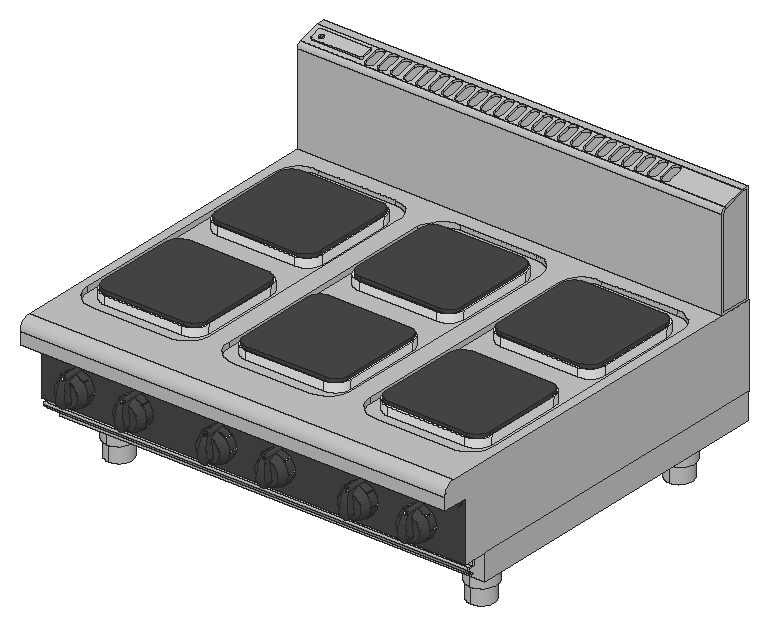
Revit family "QF_Moffat_RNB8600SE-B_Electric_Cooktops_Sealed_Hobs_cat", category Specialty Equipment, Revit 2019 (continued)
Definition of nested family "High and Low Option"
  Definition of nested family "QF_LOGO_Waldorf1"
    Automatic sketch dimensions
      Split face 10 sketch curve to Split face 10 sketch curve = 0 mm  (x2)
      Split face 10 sketch curve to Split face 10 sketch curve = 1.629 mm
      Split face 10 sketch curve to Split face 10 sketch curve = 2.133 mm
      Split face 10 sketch curve to Extrusion 1 = 5.728 mm
      Split face 10 sketch curve to Split face 10 sketch curve = 6.245 mm
      Split face 10 sketch curve to Split face 10 sketch curve = 1.907 mm  (x2)
      Split face 10 sketch curve to Split face 10 sketch curve = 1.197 mm
      Split face 10 sketch curve to Split face 10 sketch curve = 2.19 mm
Definition of nested family "RN8600SE-B"
  Parameters (values of type "E516S-B")
    Weight in Kilograms = 135
    Watts = Volts * FL Amps  # 396 W
    Volts = 220 V
    URL Cutsheet = ""
    Specification by User = ""
    Specification by Manufacturer = ""
    Serial Number = ""
    Seismic Rating = ""
    SMACNA No = ""
    Revision Code = ""
    Phase = 1
    Number of Poles = 1
    NAFEM Spec ID Number = ""
    Model = "RN8600SE-B"
    Min Ckt Ampacity = 0 A
    Max Overcurrent Protection = 0 A
    Masterspec = ""
    Manufacturer = "Moffat"
    Length = 900 mm
    Item Number = ""
    Installed By = ""
    Identify Quantity as Lot = yes
    Height = 315 mm
    HP = ""
    Furnished By = ""
    Foodservice Equipment Identifier = yes
    FL Amps = 1.8 A
    Electrical Remarks = ""
    Electric Connection Type = ""
    Elec Conn RI Height = 0 mm
    Elec Conn Connection Height = 0 mm
    Description = "Electric Cooktops Sealed Hobs"
    Depth = 805 mm
    Cycle = 50 Hz
    Conn Plug = ""
    Conn Conduit = yes
    CSI MasterFormat = ""
    Apparent Power = if(Phase = 3, Volts * FL Amps * 1.73, Volts * FL Amps)  # 396 VA
  Reference planes
    plane 1 "BACK": y = 0
    plane 2: z = 0
    plane 3 "LEFT": x = 0
    plane 4 "RIGHT": x = 900
    plane 5 "FRONT": y = -805
    plane 6 "TOP": z = 315
    plane 7 "Center Y": x = 450
    plane 8 "Center X": y = -402.5
    plane 9: x = 65.5
    plane 10: x = 87.5
    plane 11: x = 211.766
    plane 12: y = -30
    plane 13: x = 770
    plane 14: x = 512.5
    plane 15: x = 388.234
    plane 16: x = 834.5
    plane 17: x = 812.5
    plane 18: x = 688.234
  Forms (mm)
    Extrusion 1, solid
      sketch origin (0, 0, 0) x (0, 1, 0) y (0, 0, 1)
        loop
          line (0, 140) -> (0, 315) -> (-781, 315)
          arc (-781, 315) -> (-797.971, 307.971) -> (-805, 291) r 24
          line (-805, 291) -> (-805, 266) -> (-749, 266) -> (-749, 140) -> (0, 140)
      from 0 to 900
    Extrusion 2, void
      sketch origin (0, -783.97, 314.5) x (0, 1, 0) y (-1, 0, 0)
        loop
          arc (681.97, -69) -> (667.325, -33.645) -> (631.97, -19) r 50
          line (631.97, -19) -> (131.97, -19)
          arc (131.97, -19) -> (96.615, -33.645) -> (81.97, -69) r 50
          line (81.97, -69) -> (81.97, -231)
          arc (81.97, -231) -> (96.615, -266.355) -> (131.97, -281) r 50
          line (131.97, -281) -> (631.97, -281)
          arc (631.97, -281) -> (667.325, -266.355) -> (681.97, -231) r 50
          line (681.97, -231) -> (681.97, -69)
        loop
          line (681.97, -831) -> (681.97, -669)
          arc (681.97, -669) -> (667.325, -633.645) -> (631.97, -619) r 50
          line (631.97, -619) -> (131.97, -619)
          arc (131.97, -619) -> (96.615, -633.645) -> (81.97, -669) r 50
          line (81.97, -669) -> (81.97, -831)
          arc (81.97, -831) -> (96.615, -866.355) -> (131.97, -881) r 50
          line (131.97, -881) -> (631.97, -881)
          arc (631.97, -881) -> (667.325, -866.355) -> (681.97, -831) r 50
        loop
          line (81.97, -369) -> (81.97, -531)
          arc (81.97, -531) -> (96.615, -566.355) -> (131.97, -581) r 50
          line (131.97, -581) -> (631.97, -581)
          arc (631.97, -581) -> (667.325, -566.355) -> (681.97, -531) r 50
          line (681.97, -531) -> (681.97, -369)
          arc (681.97, -369) -> (667.325, -333.645) -> (631.97, -319) r 50
          line (631.97, -319) -> (131.97, -319)
          arc (131.97, -319) -> (96.615, -333.645) -> (81.97, -369) r 50
      from 0.5 to -9.5
    Extrusion 3, solid
      sketch origin (0, -783.97, 305) x (0, 1, 0) y (-1, 0, 0)
        loop
          arc (645.97, -68) -> (636.597, -45.373) -> (613.97, -36) r 32
          line (613.97, -36) -> (449.97, -36)
          arc (449.97, -36) -> (427.343, -45.373) -> (417.97, -68) r 32
          line (417.97, -68) -> (417.97, -232)
          arc (417.97, -232) -> (427.343, -254.627) -> (449.97, -264) r 32
          line (449.97, -264) -> (613.97, -264)
          arc (613.97, -264) -> (636.597, -254.627) -> (645.97, -232) r 32
          line (645.97, -232) -> (645.97, -68)
        loop
          arc (345.97, -68) -> (336.597, -45.373) -> (313.97, -36) r 32
          line (313.97, -36) -> (149.97, -36)
          arc (149.97, -36) -> (127.343, -45.373) -> (117.97, -68) r 32
          line (117.97, -68) -> (117.97, -232)
          arc (117.97, -232) -> (127.343, -254.627) -> (149.97, -264) r 32
          line (149.97, -264) -> (313.97, -264)
          arc (313.97, -264) -> (336.597, -254.627) -> (345.97, -232) r 32
          line (345.97, -232) -> (345.97, -68)
        loop
          arc (645.97, -368) -> (636.597, -345.373) -> (613.97, -336) r 32
          line (613.97, -336) -> (449.97, -336)
          arc (449.97, -336) -> (427.343, -345.373) -> (417.97, -368) r 32
          line (417.97, -368) -> (417.97, -532)
          arc (417.97, -532) -> (427.343, -554.627) -> (449.97, -564) r 32
          line (449.97, -564) -> (613.97, -564)
          arc (613.97, -564) -> (636.597, -554.627) -> (645.97, -532) r 32
          line (645.97, -532) -> (645.97, -368)
        loop
          arc (345.97, -368) -> (336.597, -345.373) -> (313.97, -336) r 32
          line (313.97, -336) -> (149.97, -336)
          arc (149.97, -336) -> (127.343, -345.373) -> (117.97, -368) r 32
          line (117.97, -368) -> (117.97, -532)
          arc (117.97, -532) -> (127.343, -554.627) -> (149.97, -564) r 32
          line (149.97, -564) -> (313.97, -564)
          arc (313.97, -564) -> (336.597, -554.627) -> (345.97, -532) r 32
          line (345.97, -532) -> (345.97, -368)
        loop
          line (645.97, -832) -> (645.97, -668)
          arc (645.97, -668) -> (636.597, -645.373) -> (613.97, -636) r 32
          line (613.97, -636) -> (449.97, -636)
          arc (449.97, -636) -> (427.343, -645.373) -> (417.97, -668) r 32
          line (417.97, -668) -> (417.97, -832)
          arc (417.97, -832) -> (427.343, -854.627) -> (449.97, -864) r 32
          line (449.97, -864) -> (613.97, -864)
          arc (613.97, -864) -> (636.597, -854.627) -> (645.97, -832) r 32
        loop
          line (345.97, -832) -> (345.97, -668)
          arc (345.97, -668) -> (336.597, -645.373) -> (313.97, -636) r 32
          line (313.97, -636) -> (149.97, -636)
          arc (149.97, -636) -> (127.343, -645.373) -> (117.97, -668) r 32
          line (117.97, -668) -> (117.97, -832)
          arc (117.97, -832) -> (127.343, -854.627) -> (149.97, -864) r 32
          line (149.97, -864) -> (313.97, -864)
          arc (313.97, -864) -> (336.597, -854.627) -> (345.97, -832) r 32
      from 0 to 17.8
    Extrusion 4, solid
      sketch origin (0, -783.97, 322.8) x (0, 1, 0) y (-1, 0, 0)
        loop
          arc (641.97, -67) -> (634.062, -47.908) -> (614.97, -40) r 27
          line (614.97, -40) -> (448.97, -40)
          arc (448.97, -40) -> (429.878, -47.908) -> (421.97, -67) r 27
          line (421.97, -67) -> (421.97, -233)
          arc (421.97, -233) -> (429.878, -252.092) -> (448.97, -260) r 27
          line (448.97, -260) -> (614.97, -260)
          arc (614.97, -260) -> (634.062, -252.092) -> (641.97, -233) r 27
          line (641.97, -233) -> (641.97, -67)
        loop
          arc (341.97, -67) -> (334.062, -47.908) -> (314.97, -40) r 27
          line (314.97, -40) -> (148.97, -40)
          arc (148.97, -40) -> (129.878, -47.908) -> (121.97, -67) r 27
          line (121.97, -67) -> (121.97, -233)
          arc (121.97, -233) -> (129.878, -252.092) -> (148.97, -260) r 27
          line (148.97, -260) -> (314.97, -260)
          arc (314.97, -260) -> (334.062, -252.092) -> (341.97, -233) r 27
          line (341.97, -233) -> (341.97, -67)
        loop
          line (641.97, -533) -> (641.97, -367)
          arc (641.97, -367) -> (634.062, -347.908) -> (614.97, -340) r 27
          line (614.97, -340) -> (448.97, -340)
          arc (448.97, -340) -> (429.878, -347.908) -> (421.97, -367) r 27
          line (421.97, -367) -> (421.97, -533)
          arc (421.97, -533) -> (429.878, -552.092) -> (448.97, -560) r 27
          line (448.97, -560) -> (614.97, -560)
          arc (614.97, -560) -> (634.062, -552.092) -> (641.97, -533) r 27
        loop
          arc (314.97, -560) -> (334.062, -552.092) -> (341.97, -533) r 27
          line (341.97, -533) -> (341.97, -367)
          arc (341.97, -367) -> (334.062, -347.908) -> (314.97, -340) r 27
          line (314.97, -340) -> (148.97, -340)
          arc (148.97, -340) -> (129.878, -347.908) -> (121.97, -367) r 27
          line (121.97, -367) -> (121.97, -533)
          arc (121.97, -533) -> (129.878, -552.092) -> (148.97, -560) r 27
          line (148.97, -560) -> (314.97, -560)
        loop
          line (641.97, -833) -> (641.97, -667)
          arc (641.97, -667) -> (634.062, -647.908) -> (614.97, -640) r 27
          line (614.97, -640) -> (448.97, -640)
          arc (448.97, -640) -> (429.878, -647.908) -> (421.97, -667) r 27
          line (421.97, -667) -> (421.97, -833)
          arc (421.97, -833) -> (429.878, -852.092) -> (448.97, -860) r 27
          line (448.97, -860) -> (614.97, -860)
          arc (614.97, -860) -> (634.062, -852.092) -> (641.97, -833) r 27
        loop
          arc (314.97, -860) -> (334.062, -852.092) -> (341.97, -833) r 27
          line (341.97, -833) -> (341.97, -667)
          arc (341.97, -667) -> (334.062, -647.908) -> (314.97, -640) r 27
          line (314.97, -640) -> (148.97, -640)
          arc (148.97, -640) -> (129.878, -647.908) -> (121.97, -667) r 27
          line (121.97, -667) -> (121.97, -833)
          arc (121.97, -833) -> (129.878, -852.092) -> (148.97, -860) r 27
          line (148.97, -860) -> (314.97, -860)
      from 0 to 6.1
    Extrusion 5, solid
      sketch origin (0, 0, 0) x (0, 1, 0) y (0, 0, 1)
        loop
          line (-699, 85) -> (0, 85) -> (0, 140) -> (-699, 140) -> (-699, 85)
      from 0 to 900
    Extrusion 6, solid
      sketch origin (0, 0, 0) x (0, 1, 0) y (0, 0, 1)
        loop
          line (-730.6, 140) -> (-730.6, 130) -> (-740.105, 130)
          arc (-740.105, 130) -> (-743.076, 128.015) -> (-742.379, 124.511) r 3.215
          line (-742.379, 124.511) -> (-731.85, 113.982) -> (-730.719, 115.113) -> (-741.247, 125.642)
          arc (-741.247, 125.642) -> (-741.597, 127.403) -> (-740.105, 128.4) r 1.615
          line (-740.105, 128.4) -> (-729, 128.4) -> (-729, 140) -> (-730.6, 140)
      from 0 to 900
    Extrusion 7, solid
      sketch origin (450, 175.397, 1219.2) x (0, 1, 0) y (0, 0, 1)
        loop
          line (-874.397, -1109.2) -> (-889.234, -1109.2)
          arc (-889.234, -1109.2) -> (-890.834, -1110.8) -> (-889.234, -1112.4) r 1.6
          line (-889.234, -1112.4) -> (-874.397, -1112.4) -> (-874.397, -1109.2)
      from -400 to 400
    Extrusion 8, solid
      sketch origin (0, -749, 156.25) x (0, 0, 1) y (-1, 0, 0)
        loop
          circle (84.8, -732.5) r 7.15
        loop
          circle (84.8, -857.5) r 7.15
        loop
          circle (84.8, -431.766) r 7.15
        loop
          circle (84.8, -556.766) r 7.15
        loop
          circle (84.8, -131.031) r 7.15
        loop
          circle (84.8, -256.031) r 7.15
      from 0 to 1.6
    Extrusion 9, solid
      sketch origin (0, -749, 156.25) x (0, 0, 1) y (-1, 0, 0)
        loop
          circle (97.343, -13.157) r 5
        loop
          circle (97.343, -886.843) r 5
      from 0 to 1.6
    Extrusion 10, solid
      sketch origin (-30, -689.8, 85) x (1, 0, 0) y (0, -1, 0)
        loop
          circle (800, -659.8) r 6.35
      from 0 to 1.6
  Cuts and joins
    Extrusion 2 cuts Extrusion 1
  Lines and regions (mm)
    symbolic lines
      curve 1: line (0, 0, 0) -> (900, 0, 0)
      curve 2: line (0, -805, 0) -> (0, 0, 0)
      curve 3: line (900, -805, 0) -> (0, -805, 0)
      curve 4: line (900, 0, 0) -> (900, -805, 0)
      curve 5: line (369, -102, 0) -> (531, -102, 0)
      curve 6: arc (531, -102, 0) -> (566.355, -116.645, 0) -> (581, -152, 0) r 50
      curve 7: line (581, -152, 0) -> (581, -652, 0)
      curve 8: arc (581, -652, 0) -> (566.355, -687.355, 0) -> (531, -702, 0) r 50
      curve 9: line (531, -702, 0) -> (369, -702, 0)
      curve 10: arc (369, -702, 0) -> (333.645, -687.355, 0) -> (319, -652, 0) r 50
      curve 11: line (319, -652, 0) -> (319, -152, 0)
      curve 12: arc (319, -152, 0) -> (333.645, -116.645, 0) -> (369, -102, 0) r 50
      curve 13: line (669, -102, 0) -> (831, -102, 0)
      curve 14: arc (831, -102, 0) -> (866.355, -116.645, 0) -> (881, -152, 0) r 50
      curve 15: line (881, -152, 0) -> (881, -652, 0)
      curve 16: arc (881, -652, 0) -> (866.355, -687.355, 0) -> (831, -702, 0) r 50
      curve 17: line (831, -702, 0) -> (669, -702, 0)
      curve 18: arc (669, -702, 0) -> (633.645, -687.355, 0) -> (619, -652, 0) r 50
      curve 19: line (619, -652, 0) -> (619, -152, 0)
      curve 20: arc (619, -152, 0) -> (633.645, -116.645, 0) -> (669, -102, 0) r 50
      curve 21: arc (668, -138, 0) -> (645.373, -147.373, 0) -> (636, -170, 0) r 32
      curve 22: line (636, -170, 0) -> (636, -334, 0)
      curve 23: arc (636, -334, 0) -> (645.373, -356.627, 0) -> (668, -366, 0) r 32
      curve 24: line (668, -366, 0) -> (832, -366, 0)
      curve 25: arc (832, -366, 0) -> (854.627, -356.627, 0) -> (864, -334, 0) r 32
      curve 26: line (864, -334, 0) -> (864, -170, 0)
      curve 27: arc (864, -170, 0) -> (854.627, -147.373, 0) -> (832, -138, 0) r 32
      curve 28: line (832, -138, 0) -> (668, -138, 0)
      curve 29: arc (667, -142, 0) -> (647.908, -149.908, 0) -> (640, -169, 0) r 27
      curve 30: line (640, -169, 0) -> (640, -335, 0)
      curve 31: arc (640, -335, 0) -> (647.908, -354.092, 0) -> (667, -362, 0) r 27
      curve 32: line (667, -362, 0) -> (833, -362, 0)
      curve 33: arc (833, -362, 0) -> (852.092, -354.092, 0) -> (860, -335, 0) r 27
      curve 34: line (860, -335, 0) -> (860, -169, 0)
      curve 35: arc (860, -169, 0) -> (852.092, -149.908, 0) -> (833, -142, 0) r 27
      curve 36: line (833, -142, 0) -> (667, -142, 0)
      curve 37: line (532, -138, 0) -> (368, -138, 0)
      curve 38: arc (368, -138, 0) -> (345.373, -147.373, 0) -> (336, -170, 0) r 32
      curve 39: line (336, -170, 0) -> (336, -334, 0)
      curve 40: arc (336, -334, 0) -> (345.373, -356.627, 0) -> (368, -366, 0) r 32
      curve 41: line (368, -366, 0) -> (532, -366, 0)
      curve 42: arc (532, -366, 0) -> (554.627, -356.627, 0) -> (564, -334, 0) r 32
      curve 43: line (564, -334, 0) -> (564, -170, 0)
      curve 44: arc (564, -170, 0) -> (554.627, -147.373, 0) -> (532, -138, 0) r 32
      curve 45: line (533, -142, 0) -> (367, -142, 0)
      curve 46: arc (367, -142, 0) -> (347.908, -149.908, 0) -> (340, -169, 0) r 27
      curve 47: line (340, -169, 0) -> (340, -335, 0)
      curve 48: arc (340, -335, 0) -> (347.908, -354.092, 0) -> (367, -362, 0) r 27
      curve 49: line (367, -362, 0) -> (533, -362, 0)
      curve 50: arc (533, -362, 0) -> (552.092, -354.092, 0) -> (560, -335, 0) r 27
      curve 51: line (560, -335, 0) -> (560, -169, 0)
      curve 52: arc (560, -169, 0) -> (552.092, -149.908, 0) -> (533, -142, 0) r 27
      curve 53: line (232, -138, 0) -> (68, -138, 0)
      curve 54: arc (68, -138, 0) -> (45.373, -147.373, 0) -> (36, -170, 0) r 32
      curve 55: line (36, -170, 0) -> (36, -334, 0)
      curve 56: arc (36, -334, 0) -> (45.373, -356.627, 0) -> (68, -366, 0) r 32
      curve 57: line (68, -366, 0) -> (232, -366, 0)
      curve 58: arc (232, -366, 0) -> (254.627, -356.627, 0) -> (264, -334, 0) r 32
      curve 59: line (264, -334, 0) -> (264, -170, 0)
      curve 60: arc (264, -170, 0) -> (254.627, -147.373, 0) -> (232, -138, 0) r 32
      curve 61: line (233, -142, 0) -> (67, -142, 0)
      curve 62: arc (67, -142, 0) -> (47.908, -149.908, 0) -> (40, -169, 0) r 27
      curve 63: line (40, -169, 0) -> (40, -335, 0)
      curve 64: arc (40, -335, 0) -> (47.908, -354.092, 0) -> (67, -362, 0) r 27
      curve 65: line (67, -362, 0) -> (233, -362, 0)
      curve 66: arc (233, -362, 0) -> (252.092, -354.092, 0) -> (260, -335, 0) r 27
      curve 67: line (260, -335, 0) -> (260, -169, 0)
      curve 68: arc (260, -169, 0) -> (252.092, -149.908, 0) -> (233, -142, 0) r 27
      curve 69: line (232, -438, 0) -> (68, -438, 0)
      curve 70: arc (68, -438, 0) -> (45.373, -447.373, 0) -> (36, -470, 0) r 32
      curve 71: line (36, -470, 0) -> (36, -634, 0)
      curve 72: arc (36, -634, 0) -> (45.373, -656.627, 0) -> (68, -666, 0) r 32
      curve 73: line (68, -666, 0) -> (232, -666, 0)
      curve 74: arc (232, -666, 0) -> (254.627, -656.627, 0) -> (264, -634, 0) r 32
      curve 75: line (264, -634, 0) -> (264, -470, 0)
      curve 76: arc (264, -470, 0) -> (254.627, -447.373, 0) -> (232, -438, 0) r 32
      curve 77: line (233, -442, 0) -> (67, -442, 0)
      curve 78: arc (67, -442, 0) -> (47.908, -449.908, 0) -> (40, -469, 0) r 27
      curve 79: line (40, -469, 0) -> (40, -635, 0)
      curve 80: arc (40, -635, 0) -> (47.908, -654.092, 0) -> (67, -662, 0) r 27
      curve 81: line (67, -662, 0) -> (233, -662, 0)
      curve 82: arc (233, -662, 0) -> (252.092, -654.092, 0) -> (260, -635, 0) r 27
      curve 83: line (260, -635, 0) -> (260, -469, 0)
      curve 84: arc (260, -469, 0) -> (252.092, -449.908, 0) -> (233, -442, 0) r 27
      curve 85: arc (340, -635, 0) -> (347.908, -654.092, 0) -> (367, -662, 0) r 27
      curve 86: line (367, -662, 0) -> (533, -662, 0)
      curve 87: arc (533, -662, 0) -> (552.092, -654.092, 0) -> (560, -635, 0) r 27
      curve 88: line (560, -635, 0) -> (560, -469, 0)
      curve 89: arc (560, -469, 0) -> (552.092, -449.908, 0) -> (533, -442, 0) r 27
      curve 90: line (533, -442, 0) -> (367, -442, 0)
      curve 91: arc (367, -442, 0) -> (347.908, -449.908, 0) -> (340, -469, 0) r 27
      curve 92: line (340, -469, 0) -> (340, -635, 0)
      curve 93: line (368, -666, 0) -> (532, -666, 0)
      curve 94: arc (532, -666, 0) -> (554.627, -656.627, 0) -> (564, -634, 0) r 32
      curve 95: line (564, -634, 0) -> (564, -470, 0)
      curve 96: arc (564, -470, 0) -> (554.627, -447.373, 0) -> (532, -438, 0) r 32
      curve 97: line (532, -438, 0) -> (368, -438, 0)
      curve 98: arc (368, -438, 0) -> (345.373, -447.373, 0) -> (336, -470, 0) r 32
      curve 99: line (336, -470, 0) -> (336, -634, 0)
      curve 100: arc (336, -634, 0) -> (345.373, -656.627, 0) -> (368, -666, 0) r 32
      curve 101: line (668, -666, 0) -> (832, -666, 0)
      curve 102: arc (832, -666, 0) -> (854.627, -656.627, 0) -> (864, -634, 0) r 32
      curve 103: line (864, -634, 0) -> (864, -470, 0)
      curve 104: arc (864, -470, 0) -> (854.627, -447.373, 0) -> (832, -438, 0) r 32
      curve 105: line (832, -438, 0) -> (668, -438, 0)
      curve 106: arc (668, -438, 0) -> (645.373, -447.373, 0) -> (636, -470, 0) r 32
      curve 107: line (636, -470, 0) -> (636, -634, 0)
      curve 108: arc (636, -634, 0) -> (645.373, -656.627, 0) -> (668, -666, 0) r 32
      curve 109: arc (640, -635, 0) -> (647.908, -654.092, 0) -> (667, -662, 0) r 27
      curve 110: line (667, -662, 0) -> (833, -662, 0)
      curve 111: arc (833, -662, 0) -> (852.092, -654.092, 0) -> (860, -635, 0) r 27
      curve 112: line (860, -635, 0) -> (860, -469, 0)
      curve 113: arc (860, -469, 0) -> (852.092, -449.908, 0) -> (833, -442, 0) r 27
      curve 114: line (833, -442, 0) -> (667, -442, 0)
      curve 115: arc (667, -442, 0) -> (647.908, -449.908, 0) -> (640, -469, 0) r 27
      curve 116: line (640, -469, 0) -> (640, -635, 0)
      curve 117: line (69, -102, 0) -> (231, -102, 0)
      curve 118: arc (231, -102, 0) -> (266.355, -116.645, 0) -> (281, -152, 0) r 50
      curve 119: line (281, -152, 0) -> (281, -652, 0)
      curve 120: arc (281, -652, 0) -> (266.355, -687.355, 0) -> (231, -702, 0) r 50
      curve 121: line (231, -702, 0) -> (69, -702, 0)
      curve 122: arc (69, -702, 0) -> (33.645, -687.355, 0) -> (19, -652, 0) r 50
      curve 123: line (19, -652, 0) -> (19, -152, 0)
      curve 124: arc (19, -152, 0) -> (33.645, -116.645, 0) -> (69, -102, 0) r 50
  Dimensions and locks
    equal spacing: plane 3 "LEFT", plane 7 "Center Y", plane 4 "RIGHT"
    "Length": plane 3 "LEFT" to plane 4 "RIGHT"
    equal spacing: plane 5 "FRONT", plane 8 "Center X", plane 1 "BACK"
    "Depth": plane 5 "FRONT" to plane 1 "BACK"
    "Height": plane 6 "TOP" to level
    plane 4 "RIGHT" to plane 3 "LEFT" = 900 mm
    plane 1 "BACK" to plane 5 "FRONT" = 805 mm
    plane 6 "TOP" to plane 2 = 315 mm
    plane 2 to Extrusion 5 = 85 mm
    plane 1 "BACK" to nested 5 = 100 mm
    nested 5 to nested 1 = 525 mm
    locked: plane 13 to plane 4 "RIGHT" at 130
    plane 9 to plane 16 = 769 mm
    plane 1 "BACK" to plane 12 = 30 mm
    plane 6 "TOP" to level = 315 mm
    aligned and locked: level to plane 2
  Automatic sketch dimensions
    Extrusion 5 sketch curve to plane 1 "BACK" = 0 mm
    Extrusion 5 sketch curve to plane 5 "FRONT" = 106 mm
    level to Extrusion 5 sketch curve = 85 mm
    Extrusion 5 sketch curve to Extrusion 5 sketch curve = 55 mm
    Extrusion 6 sketch curve to Extrusion 6 sketch curve = 0 mm  (x2)
    Extrusion 6 sketch curve to plane 5 "FRONT" = 62.621 mm
    Extrusion 6 sketch curve to Extrusion 6 sketch curve = 1.131 mm  (x3)
    Extrusion 6 sketch curve to Extrusion 6 sketch curve = 1.142 mm  (x2)
    Extrusion 6 sketch curve to Extrusion 6 sketch curve = 10.529 mm
    Extrusion 6 sketch curve to Extrusion 6 sketch curve = 9.505 mm
    Extrusion 6 sketch curve to Extrusion 6 sketch curve = 1.6 mm
    level to Extrusion 6 sketch curve = 113.982 mm
    Extrusion 6 sketch curve to Extrusion 6 sketch curve = 10 mm
    Extrusion 1 to Extrusion 9 sketch curve = 13.157 mm  (x2)
    Extrusion 10 sketch curve to Extrusion 5 = 30 mm
    Extrusion 10 sketch curve to Extrusion 5 = 130 mm
    Extrusion 7 sketch curve to plane 5 "FRONT" = 91.163 mm
    Extrusion 7 sketch curve to Extrusion 7 sketch curve = 14.837 mm
    level to Extrusion 7 sketch curve = 106.8 mm
    Extrusion 7 sketch curve to Extrusion 7 sketch curve = 1.6 mm
    Extrusion 1 to Extrusion 8 sketch curve = 42.5 mm
    Extrusion 8 sketch curve to Extrusion 8 sketch curve = 125 mm  (x3)
    Extrusion 8 sketch curve to Extrusion 8 sketch curve = 175.734 mm  (x2)
    Extrusion 8 sketch curve to Extrusion 1 = 24.95 mm  (x6)
    Extrusion 9 sketch curve to Extrusion 1 = 12.407 mm  (x2)
    Extrusion 1 sketch curve to plane 5 "FRONT" = 0 mm
    Extrusion 1 sketch curve to plane 1 "BACK" = 0 mm
    Extrusion 1 sketch curve to plane 5 "FRONT" = 24 mm
    Extrusion 1 sketch curve to plane 5 "FRONT" = 56 mm
    Extrusion 1 sketch curve to Extrusion 1 sketch curve = 126 mm
    Extrusion 1 sketch curve to Extrusion 1 sketch curve = 25 mm
    Extrusion 2 sketch curve to plane 16 = 3.5 mm  (x2)
    Extrusion 2 sketch curve to plane 5 "FRONT" = 103 mm  (x3)
    plane 15 to Extrusion 2 sketch curve = 19.234 mm
    Extrusion 2 sketch curve to plane 9 = 3.5 mm  (x2)
    Extrusion 2 sketch curve to Extrusion 2 sketch curve = 50 mm  (x7)
    plane 18 to Extrusion 2 sketch curve = 19.234 mm
    Extrusion 2 sketch curve to Extrusion 2 sketch curve = 0 mm  (x2)
    plane 14 to Extrusion 2 sketch curve = 18.5 mm  (x2)
    plane 4 "RIGHT" to Extrusion 2 sketch curve = 19 mm
    plane 12 to Extrusion 2 sketch curve = 122 mm  (x2)
    plane 11 to Extrusion 2 sketch curve = 19.234 mm
    plane 1 "BACK" to curve 1 = 0 mm
    curve 1 to plane 3 "LEFT" = 0 mm
    plane 5 "FRONT" to curve 3 = 0 mm
    plane 9 to curve 71 = 29.5 mm
    plane 9 to curve 55 = 29.5 mm
    curve 54 to curve 63 = 4 mm
    curve 71 to curve 79 = 4 mm
    curve 80 to plane 9 = 1.5 mm
    curve 62 to plane 9 = 1.5 mm
    curve 77 to plane 9 = 1.5 mm
    curve 64 to plane 9 = 1.5 mm
    curve 69 to plane 9 = 2.5 mm
    curve 80 to curve 72 = 1 mm
    curve 62 to curve 54 = 1 mm
    curve 64 to curve 56 = 1 mm
    plane 11 to curve 57 = 20.234 mm
    plane 11 to curve 60 = 20.234 mm
    plane 11 to curve 69 = 20.234 mm
    plane 11 to curve 73 = 20.234 mm
    curve 74 to curve 82 = 1 mm
    curve 57 to curve 65 = 1 mm
    curve 76 to curve 84 = 1 mm
    curve 60 to curve 68 = 1 mm
    curve 82 to curve 83 = 27 mm
    curve 66 to curve 67 = 27 mm
    curve 67 to curve 59 = 4 mm
    curve 83 to curve 75 = 4 mm
    curve 74 to curve 11 = 55 mm
    curve 11 to curve 99 = 17 mm
    plane 15 to curve 39 = 52.234 mm
    curve 39 to curve 47 = 4 mm
    curve 98 to curve 92 = 4 mm
    plane 15 to curve 91 = 21.234 mm
    plane 15 to curve 49 = 21.234 mm
    plane 15 to curve 86 = 21.234 mm
    plane 15 to curve 45 = 21.234 mm
    curve 49 to curve 41 = 1 mm
    curve 45 to curve 37 = 1 mm
    curve 90 to curve 97 = 1 mm
    curve 85 to curve 100 = 1 mm
    plane 15 to curve 5 = 19.234 mm
    plane 15 to curve 9 = 19.234 mm
    plane 14 to curve 8 = 18.5 mm
    plane 14 to curve 5 = 18.5 mm
    plane 14 to curve 42 = 19.5 mm
    plane 14 to curve 97 = 19.5 mm
    curve 8 to curve 94 = 1 mm
    curve 6 to curve 44 = 1 mm
    curve 97 to curve 90 = 1 mm
    curve 94 to curve 87 = 1 mm
    curve 37 to curve 45 = 1 mm
    curve 41 to curve 49 = 1 mm
    curve 50 to curve 51 = 27 mm
    curve 89 to curve 88 = 27 mm
    curve 50 to curve 43 = 4 mm
    curve 88 to curve 95 = 4 mm
    curve 43 to curve 7 = 17 mm
    curve 6 to curve 19 = 38 mm
    plane 18 to curve 107 = 52.234 mm
    plane 18 to curve 22 = 52.234 mm
    curve 107 to curve 116 = 4 mm
    curve 22 to curve 30 = 4 mm
    plane 18 to curve 31 = 21.234 mm
    plane 18 to curve 109 = 21.234 mm
    plane 18 to curve 115 = 21.234 mm
    plane 18 to curve 29 = 21.234 mm
    curve 36 to curve 28 = 1 mm
    curve 32 to curve 24 = 1 mm
    curve 115 to curve 105 = 1 mm
    curve 109 to curve 108 = 1 mm
    curve 29 to curve 20 = 2 mm
    curve 109 to curve 18 = 2 mm
    curve 17 to plane 16 = 3.5 mm
    curve 13 to plane 16 = 3.5 mm
    curve 24 to plane 16 = 2.5 mm
    curve 104 to plane 16 = 2.5 mm
    curve 28 to plane 16 = 2.5 mm
    curve 102 to plane 16 = 2.5 mm
    curve 104 to curve 113 = 1 mm
    curve 32 to plane 16 = 1.5 mm
    curve 102 to curve 111 = 1 mm
    curve 36 to plane 16 = 1.5 mm
    plane 16 to curve 34 = 25.5 mm
    plane 16 to curve 112 = 25.5 mm
    curve 33 to curve 26 = 4 mm
    curve 112 to curve 103 = 4 mm
    plane 4 "RIGHT" to curve 15 = 19 mm
    curve 9 to plane 5 "FRONT" = 103 mm
    curve 17 to plane 5 "FRONT" = 103 mm
    curve 93 to curve 8 = 14 mm
    curve 101 to curve 18 = 14 mm
    curve 73 to curve 10 = 14 mm
    curve 100 to curve 86 = 4 mm
    curve 72 to curve 81 = 4 mm
    curve 102 to curve 110 = 4 mm
    curve 70 to plane 8 "Center X" = 67.5 mm
    curve 95 to plane 8 "Center X" = 67.5 mm
    curve 103 to plane 8 "Center X" = 67.5 mm
    curve 96 to curve 89 = 1 mm
    curve 70 to curve 78 = 1 mm
    curve 106 to curve 115 = 1 mm
    plane 8 "Center X" to curve 57 = 36.5 mm
    plane 8 "Center X" to curve 41 = 36.5 mm
    plane 8 "Center X" to curve 24 = 36.5 mm
    curve 25 to curve 32 = 4 mm
    curve 56 to curve 65 = 4 mm
    curve 40 to curve 49 = 4 mm
    plane 12 to curve 39 = 140 mm
    curve 43 to curve 22 = 0 mm
    curve 60 to curve 38 = 0 mm
    curve 43 to curve 51 = 1 mm
    curve 21 to curve 29 = 1 mm
    curve 54 to curve 62 = 1 mm
    curve 20 to curve 29 = 10 mm
    curve 12 to curve 46 = 10 mm
    Extrusion 4 sketch curve to Extrusion 3 = 4 mm  (x23)
    Extrusion 4 sketch curve to Extrusion 3 = 31 mm  (x22)
    Extrusion 4 sketch curve to Extrusion 4 sketch curve = 27 mm  (x3)
    Extrusion 3 sketch curve to Extrusion 2 = 36 mm  (x3)
    Extrusion 3 sketch curve to Extrusion 3 sketch curve = 32 mm  (x18)
    Extrusion 3 sketch curve to Extrusion 2 = 17 mm  (x11)
    Extrusion 3 sketch curve to Extrusion 2 = 49 mm  (x3)
    Extrusion 3 sketch curve to Extrusion 3 sketch curve = 164 mm  (x3)
    Extrusion 3 sketch curve to Extrusion 3 sketch curve = 0 mm
    Extrusion 3 sketch curve to Extrusion 3 sketch curve = 72 mm  (x3)
    Extrusion 3 sketch curve to Extrusion 2 = 68 mm  (x6)
    level to Extrusion 1 sketch curve = 140 mm
    curve 3 to plane 4 "RIGHT" = 0 mm
    plane 3 "LEFT" to curve 123 = 19 mm
    curve 122 to plane 9 = 3.5 mm
    curve 124 to plane 9 = 3.5 mm
    curve 118 to curve 61 = 2 mm
    curve 120 to curve 82 = 2 mm
    curve 59 to curve 119 = 17 mm
    curve 121 to curve 73 = 36 mm
    curve 118 to curve 61 = 10 mm
    radius of Extrusion 9 sketch curve = 5 mm  (x2)
    radius of Extrusion 10 sketch curve = 6.35 mm
    radius of Extrusion 8 sketch curve = 7.15 mm  (x6)
  Nested families
    nested 1: "Small Leg" at (33.75, -593.25, 0), type "Small Leg"
    nested 2: "Small Leg" at (866.25, -593.25, 0) x (-1, 0, 0) z (0, 0, 1), type "Small Leg"
    nested 3: "Knob" at (55.003, -749, 164.5), type "Knob"
    nested 4: "Knob" at (179.269, -749, 164.5), type "Knob"
    nested 5: "Small Leg" at (33.75, -68.25, 0), type "Small Leg"
    nested 6: "Small Leg" at (866.25, -68.25, 0) x (-1, 0, 0) z (0, 0, 1), type "Small Leg"
    nested 7: "Knob" at (355.738, -749, 164.5), type "Knob"
    nested 8: "Knob" at (480.003, -749, 164.5), type "Knob"
    nested 9: "Knob" at (655.738, -749, 164.5), type "Knob"
    nested 10: "Knob" at (780.003, -749, 164.5), type "Knob"
  Connectors
    electrical at (770, -30, 83.4), driven by "Volts", driven by "Watts"
      settings: on Extrusion 10, index 1, voltage 220 V, apparent load 396 VA, apparent load phase1 0 VA, apparent load phase2 0 VA, apparent load phase3 0 VA, power factor 1, load classification none, number of poles 1, system type 30, power factor state 1, is connector primary yes, connector utility no, sub classification motor no, connector description "Electrical Connection"
  Definition of nested family "Small Leg"
    Parameters (values of type "Small Leg")
      Weight in Pounds = 0
      URL Cutsheet = ""
      Specification by User = ""
      Specification by Manufacturer = ""
      Serial Number = ""
      Seismic Rating = ""
      SMACNA No = ""
      Revision Code = ""
      NAFEM Spec ID Number = ""
      Masterspec = ""
      Length = 63.5 mm
      Item Number = ""
      Installed By = ""
      Identify Quantity as Lot = yes
      Height = 85 mm
      Furnished By = ""
      Foodservice Equipment Identifier = yes
      Depth = 63.5 mm
      CSI MasterFormat = ""
    Reference planes
      plane 1 "BACK": y = 0
      plane 2: z = 0
      plane 3 "LEFT": x = 0
      plane 4 "RIGHT": x = 63.5
      plane 5 "FRONT": y = -63.5
      plane 6 "TOP": z = 85
      plane 7 "Center Y": x = 31.75
      plane 8 "Center X": y = -31.75
    Forms (mm)
      Revolve 1, solid
        sketch origin (31.75, 175.397, 1219.2) x (0, 1, 0) y (0, 0, 1)
          loop
            line (-207.147, -1134.2) -> (-207.147, -1219.2) -> (-179.647, -1219.2) -> (-179.647, -1184.2) -> (-175.397, -1184.2) -> (-175.397, -1134.2) -> (-207.147, -1134.2)
          axis (-207.147, -1134.2) -> (-207.147, -1219.2)
        angle from 0 to 360
    Dimensions and locks
      equal spacing: plane 3 "LEFT", plane 7 "Center Y", plane 4 "RIGHT"
      "Length": plane 3 "LEFT" to plane 4 "RIGHT"
      equal spacing: plane 5 "FRONT", plane 8 "Center X", plane 1 "BACK"
      "Depth": plane 5 "FRONT" to plane 1 "BACK"
      "Height": plane 6 "TOP" to level
      plane 4 "RIGHT" to plane 3 "LEFT" = 63.5 mm
      aligned and locked: level to plane 2
    Automatic sketch dimensions
      Revolve 1 sketch curve to plane 6 "TOP" = 0 mm
      Revolve 1 sketch curve to plane 8 "Center X" = 0 mm  (x2)
      Revolve 1 sketch curve to level = 0 mm  (x2)
      Revolve 1 sketch curve to plane 1 "BACK" = 0 mm
      Revolve 1 sketch curve to Revolve 1 sketch curve = 4.25 mm
      level to Revolve 1 sketch curve = 35 mm
      Revolve 1 sketch curve to Revolve 1 sketch curve = 20 mm
  Definition of nested family "Knob"
    Parameters (values of type "Knob")
      Weight in Pounds = 0
      URL Cutsheet = ""
      Specification by User = ""
      Specification by Manufacturer = ""
      Serial Number = ""
      Seismic Rating = ""
      SMACNA No = ""
      Revision Code = ""
      NAFEM Spec ID Number = ""
      Masterspec = ""
      Length = 65 mm
      Item Number = ""
      Installed By = ""
      Identify Quantity as Lot = yes
      Height = 69.5 mm
      Furnished By = ""
      Foodservice Equipment Identifier = yes
      Depth = 59 mm
      CSI MasterFormat = ""
    Reference planes
      plane 1 "BACK": y = 0
      plane 2: z = 0
      plane 3 "LEFT": x = 0
      plane 4 "RIGHT": x = 65
      plane 5 "FRONT": y = -59
      plane 6 "TOP": z = 69.5
      plane 7 "Center Y": x = 32.5
      plane 8 "Center X": y = -29.5
    Forms (mm)
      Revolve 1, solid
        sketch origin (32.5, 175.397, 1219.2) x (0, 1, 0) y (0, 0, 1)
          loop
            line (-175.397, -1186.7) -> (-219.397, -1186.7) -> (-219.397, -1211.501) -> (-202.106, -1219.2) -> (-185.397, -1219.2) -> (-185.397, -1191.7) -> (-175.397, -1191.7) -> (-175.397, -1186.7)
          axis (-219.397, -1186.7) -> (-175.397, -1186.7)
        angle from 0 to 360
      Extrusion 2, solid
        sketch origin (32.5, 175.397, 1219.2) x (0, 1, 0) y (0, 0, 1)
          loop
            line (-202.106, -1154.2) -> (-185.397, -1154.2) -> (-185.397, -1149.7) -> (-224.105, -1149.7)
            arc (-224.105, -1149.7) -> (-233.965, -1178.467) -> (-230.696, -1208.7) r 70
            line (-230.696, -1208.7) -> (-219.397, -1208.7) -> (-219.397, -1161.899) -> (-202.106, -1154.2)
        from -15 to 15
      Extrusion 3, void
        sketch origin (0, 0, 0) x (1, 0, 0) y (0, 0, 1)
          loop
            line (27.501, 64.613) -> (22.02, 20.585)
            arc (22.02, 20.585) -> (32.792, 10.488) -> (42.986, 21.169) r 10.487
            line (42.986, 21.169) -> (37.499, 64.613)
            arc (37.499, 64.613) -> (32.5, 69.5) -> (27.501, 64.613) r 5
          loop
            line (10, 72.977) -> (10, 5.625) -> (55, 5.625) -> (55, 72.977) -> (10, 72.977)
        from 6.142 to 69.687
      Extrusion 4, solid
        sketch origin (0, -34.115, -16.916) x (1, 0, 0) y (0, 0.45399, 0.891007)
          loop
            circle (32.497, 65) r 2
        from 51.525 to 53.075
      Extrusion 5, solid
        sketch origin (32.5, -10, 32.5) x (0, 0, -1) y (-1, 0, 0)
          loop
            line (-23.54, -22.408) -> (-24.106, -22.974)
            arc (-24.106, -22.974) -> (-23.547, -23.547) -> (-22.974, -24.106) r 33.3
            line (-22.974, -24.106) -> (-22.408, -23.54)
            arc (-22.408, -23.54) -> (-22.981, -22.981) -> (-23.54, -22.408) r 32.5
          loop
            arc (-0.8, -33.29) -> (0, -33.3) -> (0.8, -33.29) r 33.3
            line (0.8, -33.29) -> (0.8, -32.49)
            arc (0.8, -32.49) -> (0, -32.5) -> (-0.8, -32.49) r 32.5
            line (-0.8, -32.49) -> (-0.8, -33.29)
          loop
            arc (23.54, -22.408) -> (22.981, -22.981) -> (22.408, -23.54) r 32.5
            line (22.408, -23.54) -> (22.974, -24.106)
            arc (22.974, -24.106) -> (23.547, -23.547) -> (24.106, -22.974) r 33.3
            line (24.106, -22.974) -> (23.54, -22.408)
          loop
            arc (-23.54, 22.408) -> (-22.981, 22.981) -> (-22.408, 23.54) r 32.5
            line (-22.408, 23.54) -> (-22.974, 24.106)
            arc (-22.974, 24.106) -> (-23.547, 23.547) -> (-24.106, 22.974) r 33.3
            line (-24.106, 22.974) -> (-23.54, 22.408)
          loop
            line (-0.8, 33.29) -> (-0.8, 32.49)
            arc (-0.8, 32.49) -> (0, 32.5) -> (0.8, 32.49) r 32.5
            line (0.8, 32.49) -> (0.8, 33.29)
            arc (0.8, 33.29) -> (0, 33.3) -> (-0.8, 33.29) r 33.3
          loop
            line (32.49, -0.8) -> (33.29, -0.8)
            arc (33.29, -0.8) -> (33.3, 0) -> (33.29, 0.8) r 33.3
            line (33.29, 0.8) -> (32.49, 0.8)
            arc (32.49, 0.8) -> (32.5, 0) -> (32.49, -0.8) r 32.5
          loop
            arc (24.106, 22.974) -> (23.547, 23.547) -> (22.974, 24.106) r 33.3
            line (22.974, 24.106) -> (22.408, 23.54)
            arc (22.408, 23.54) -> (22.981, 22.981) -> (23.54, 22.408) r 32.5
            line (23.54, 22.408) -> (24.106, 22.974)
        from 0 to -16.709
    Cuts and joins
      Extrusion 3 cuts Extrusion 2
    Dimensions and locks
      equal spacing: plane 3 "LEFT", plane 7 "Center Y", plane 4 "RIGHT"
      "Length": plane 3 "LEFT" to plane 4 "RIGHT"
      equal spacing: plane 5 "FRONT", plane 8 "Center X", plane 1 "BACK"
      "Depth": plane 5 "FRONT" to plane 1 "BACK"
      "Height": plane 6 "TOP" to level
      plane 4 "RIGHT" to plane 3 "LEFT" = 65 mm
      aligned and locked: level to plane 2
    Automatic sketch dimensions
      Revolve 1 sketch curve to level = 0 mm
      Revolve 1 sketch curve to plane 1 "BACK" = 0 mm  (x2)
      plane 1 "BACK" to Revolve 1 sketch curve = 10 mm
      plane 8 "Center X" to Revolve 1 sketch curve = 2.791 mm
      Revolve 1 sketch curve to plane 8 "Center X" = 14.5 mm
      level to Revolve 1 sketch curve = 7.699 mm
      level to Revolve 1 sketch curve = 27.5 mm
      Revolve 1 sketch curve to Revolve 1 sketch curve = 5 mm
      Revolve 1 sketch curve to Revolve 1 sketch curve = 35 mm
      Revolve 1 sketch curve to Revolve 1 sketch curve = 0 mm
      Extrusion 2 sketch curve to plane 6 "TOP" = 0 mm
      Extrusion 2 sketch curve to plane 5 "FRONT" = 3.702 mm
      Extrusion 2 sketch curve to plane 5 "FRONT" = 10.293 mm
      Extrusion 2 sketch curve to Extrusion 2 sketch curve = 11.298 mm
      plane 8 "Center X" to Extrusion 2 sketch curve = 2.791 mm
      plane 1 "BACK" to Extrusion 2 sketch curve = 10 mm
      Extrusion 2 sketch curve to plane 1 "BACK" = 11 mm
      Extrusion 2 sketch curve to plane 6 "TOP" = 4.5 mm
      Extrusion 2 sketch curve to plane 6 "TOP" = 12.199 mm
      level to Extrusion 2 sketch curve = 32.962 mm
      level to Extrusion 3 sketch curve = 5.625 mm
      Extrusion 3 sketch curve to plane 7 "Center Y" = 0 mm  (x2)
      Extrusion 3 sketch curve to plane 7 "Center Y" = 4.999 mm
      Extrusion 3 sketch curve to plane 7 "Center Y" = 10.48 mm
      plane 6 "TOP" to Extrusion 3 sketch curve = 3.477 mm
      plane 3 "LEFT" to Extrusion 3 sketch curve = 10 mm
      Extrusion 3 sketch curve to plane 6 "TOP" = 4.887 mm
      Extrusion 3 sketch curve to Extrusion 3 sketch curve = 4.999 mm
      plane 7 "Center Y" to Extrusion 3 sketch curve = 10.486 mm
      level to Extrusion 3 sketch curve = 20.585 mm
      Extrusion 3 sketch curve to Extrusion 3 sketch curve = 0.387 mm
      Extrusion 3 sketch curve to Extrusion 3 sketch curve = 0.113 mm
      plane 4 "RIGHT" to Extrusion 3 sketch curve = 10 mm
      Extrusion 5 sketch curve to Revolve 1 = 32.49 mm
      Revolve 1 to Extrusion 5 sketch curve = 32.49 mm
      Extrusion 5 sketch curve to Revolve 1 = 23.54 mm  (x2)
      Revolve 1 to Extrusion 5 sketch curve = 23.54 mm  (x2)
      Extrusion 5 sketch curve to Revolve 1 = 24.106 mm  (x2)
      Revolve 1 to Extrusion 5 sketch curve = 24.106 mm  (x2)
      Revolve 1 to Extrusion 5 sketch curve = 22.408 mm  (x2)
      Extrusion 5 sketch curve to Revolve 1 = 22.408 mm  (x2)
      Revolve 1 to Extrusion 5 sketch curve = 22.974 mm  (x2)
      Extrusion 5 sketch curve to Revolve 1 = 22.974 mm  (x2)
      Extrusion 5 sketch curve to Extrusion 5 sketch curve = 1.6 mm  (x2)
      Revolve 1 to Extrusion 5 sketch curve = 0.8 mm
      Extrusion 5 sketch curve to Revolve 1 = 0.8 mm
      Extrusion 4 sketch curve to plane 7 "Center Y" = 0.003 mm
      radius of Extrusion 5 sketch curve to Revolve 1 = 0 mm  (x7)
      radius of Revolve 1 to Extrusion 5 sketch curve = 0.8 mm  (x7)
      radius of Extrusion 4 sketch curve = 2 mm
